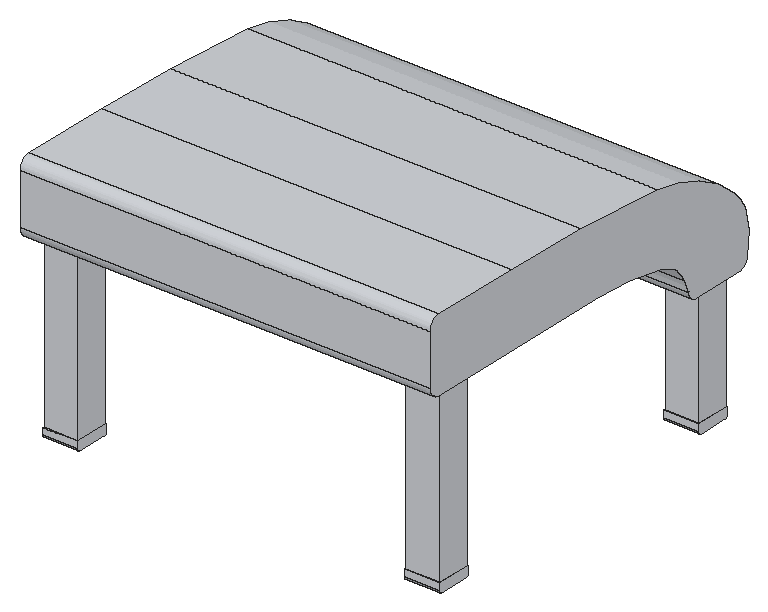
Revit family "Seat-LaZBoy-Kadia_Mod_Visitor_Seating-KOT00", category Furniture, Revit 2017
Family settings
  OmniClass Number = 23.40.20.00
  Work Plane-Based = No
  Always vertical = Yes
  Cut with Voids When Loaded = No
  Shared = No
  Room Calculation Point = No
Parameters (values of type "Wood Arm Caps")
  Width = 19.00"  # constant formula
  URL = "https://www.la-z-boy.com/"
  Product Documentation Link = "URL"
  Model = "KOT00"
  Manufacturer = "LaZBoy"
  Leg Material [instance] = none
  Height = 12.00"  # constant formula
  Description = "Ottoman"
  Depth = 18.50"  # constant formula
  Copyright © = "Inc"
  Assembly Code = "E2020200"
  Footrest Material [instance] = none
Types (2): name | Model | Description
  Wood Arm Caps | "KOT00" | "Ottoman"
  Urethane Arm Caps | "KOT10U" | "Guest Chair with Urethane Arm Caps"
Reference planes (in)
  plane 1 "Center (Front/Back)": y = 0
  plane 2: z = 0
  plane 3 "Center (Left/Right)": x = 0
  plane 4 "Left": x = -9.5
  plane 5 "Right": x = 9.5
  plane 6: z = 12
  plane 7: y = 9.25
  plane 8: y = -9.25
Forms (in)
  Extrusion 1, solid, material <- "Footrest Material"
    sketch origin (0, 0, 0) x (0, 1, 0) y (0, 0, 1)
      loop
        line (-4.55449, 11.99612) -> (-8.75, 11.99612)
        arc (-8.75, 11.99612) -> (-9.10355, 11.84967) -> (-9.25, 11.49612) r 0.5
        line (-9.25, 11.49612) -> (-9.25, 9.12216)
        arc (-9.25, 9.12216) -> (-9.10298, 8.76803) -> (-8.74837, 8.62216) r 0.5
        line (-8.74837, 8.62216) -> (0.41188, 8.65197)
        arc (0.41188, 8.65197) -> (2.30994, 8.53908) -> (4.179, 8.18985) r 15.1827
        arc (4.179, 8.18985) -> (4.95844, 7.79532) -> (5.50639, 7.11494) r 2.07483
        arc (5.50639, 7.11494) -> (5.6232, 6.83255) -> (5.69725, 6.53607) r 2.07483
        arc (5.69725, 6.53607) -> (5.8679, 6.23872) -> (6.18995, 6.12118) r 0.5
        line (6.18995, 6.12118) -> (8.59329, 6.12118)
        arc (8.59329, 6.12118) -> (8.92171, 6.24417) -> (9.08857, 6.55263) r 0.5
        arc (9.08857, 6.55263) -> (9.14291, 7.09715) -> (9.15566, 7.64423) r 7.18694
        arc (9.15566, 7.64423) -> (8.93122, 8.67855) -> (8.32362, 9.54516) r 2.67821
        arc (8.32362, 9.54516) -> (6.29949, 10.92467) -> (3.94125, 11.5871) r 7.58458
        arc (3.94125, 11.5871) -> (1.69659, 11.79647) -> (-0.55432, 11.92199) r 60.44676
        arc (-0.55432, 11.92199) -> (-2.55406, 11.97759) -> (-4.55449, 11.99612) r 107.96758
    from -9.5 to 9.5
  Extrusion 2, solid, material <- "Leg Material"
    sketch origin (0, 0, 0) x (1, 0, 0) y (0, 1, 0)
      loop
        line (-7.60335, 8.28572) -> (-9.15344, 8.28572) -> (-9.15344, 6.73464) -> (-7.60335, 6.73464) -> (-7.60335, 8.28572)
      loop
        line (7.60335, 8.28572) -> (7.60335, 6.73464) -> (9.15344, 6.73464) -> (9.15344, 8.28572) -> (7.60335, 8.28572)
      loop
        line (-7.60335, -8.28572) -> (-7.60335, -6.73464) -> (-9.15344, -6.73464) -> (-9.15344, -8.28572) -> (-7.60335, -8.28572)
      loop
        line (7.60335, -8.28572) -> (9.15344, -8.28572) -> (9.15344, -6.73464) -> (7.60335, -6.73464) -> (7.60335, -8.28572)
    from 0.54306 to 8.65626
  Extrusion 3, solid
    sketch origin (0, -0.0625, 0) x (0, 1, 0) y (0, 0, 1)
      loop
        line (8.3901, 0.54306) -> (6.76589, 0.54306) -> (6.76589, 0.21702)
        arc (6.76589, 0.21702) -> (6.80325, 0.12683) -> (6.89344, 0.08947) r 0.12755
        line (6.89344, 0.08947) -> (8.2601, 0.08947)
        arc (8.2601, 0.08947) -> (8.35202, 0.12755) -> (8.3901, 0.21947) r 0.13
        line (8.3901, 0.21947) -> (8.3901, 0.54306)
      loop
        line (-8.2651, 0.54306) -> (-8.2651, 0.21947)
        arc (-8.2651, 0.21947) -> (-8.22702, 0.12755) -> (-8.1351, 0.08947) r 0.13
        line (-8.1351, 0.08947) -> (-6.76844, 0.08947)
        arc (-6.76844, 0.08947) -> (-6.67825, 0.12683) -> (-6.64089, 0.21702) r 0.12755
        line (-6.64089, 0.21702) -> (-6.64089, 0.54306) -> (-8.2651, 0.54306)
    from -9.18936 to -7.56647
  Extrusion 4, solid
    sketch origin (0, -0.0625, 0) x (0, 1, 0) y (0, 0, -1)
      loop
        line (8.3901, -0.54306) -> (8.3901, -0.21947)
        arc (8.3901, -0.21947) -> (8.35202, -0.12755) -> (8.2601, -0.08947) r 0.13
        line (8.2601, -0.08947) -> (6.89344, -0.08947)
        arc (6.89344, -0.08947) -> (6.80325, -0.12683) -> (6.76589, -0.21702) r 0.12755
        line (6.76589, -0.21702) -> (6.76589, -0.54306) -> (8.3901, -0.54306)
      loop
        line (-8.2651, -0.54306) -> (-6.64089, -0.54306) -> (-6.64089, -0.21702)
        arc (-6.64089, -0.21702) -> (-6.67825, -0.12683) -> (-6.76844, -0.08947) r 0.12755
        line (-6.76844, -0.08947) -> (-8.1351, -0.08947)
        arc (-8.1351, -0.08947) -> (-8.22702, -0.12755) -> (-8.2651, -0.21947) r 0.13
        line (-8.2651, -0.21947) -> (-8.2651, -0.54306)
    from -9.18936 to -7.56647
Lines and regions (in)
  Masking region 1
    outline origin (0, 0, 0) x (1, 0, 0) y (0, 1, 0)
      loop
        line (-9.5, 9.25) -> (-9.5, -9.25) -> (9.5, -9.25) -> (9.5, 9.25) -> (-9.5, 9.25)
Dimensions and locks (in)
  equal spacing: plane 4 "Left", plane 3 "Center (Left/Right)", plane 5 "Right"
  "Height": plane 6 to plane 2
  "Width": plane 4 "Left" to plane 5 "Right"
  "Depth": plane 7 to plane 8
  equal spacing: plane 7, plane 1 "Center (Front/Back)", plane 8
  Extrusion 2 sketch curve to Extrusion 2 sketch curve = 1.55108"
  Extrusion 2 sketch curve to Extrusion 2 sketch curve = 1.55009"
  aligned and locked: level to plane 2
  aligned and locked: plane 3 "Center (Left/Right)" to nested 1
  aligned and locked: plane 1 "Center (Front/Back)" to nested 1
  aligned and locked: Extrusion 1 to plane 5 "Right"
  aligned and locked: Extrusion 1 to plane 4 "Left"
  aligned and locked: Masking region 1 sketch curve to plane 4 "Left"
  aligned and locked: Masking region 1 sketch curve to plane 7
  aligned and locked: plane 8 to Masking region 1 sketch curve
  aligned and locked: plane 5 "Right" to Masking region 1 sketch curve
Automatic sketch dimensions
  Extrusion 1 sketch curve to Extrusion 1 sketch curve = 0.00"  (x6)
  Extrusion 1 sketch curve to plane 8 = 0.00"
  Extrusion 1 sketch curve to plane 8 = 0.50"  (x2)
  Extrusion 1 sketch curve to Extrusion 1 sketch curve = 0.00163"
  Extrusion 1 sketch curve to plane 6 = 0.00388"
  Extrusion 1 sketch curve to Extrusion 1 sketch curve = 4.19551"
  plane 1 "Center (Front/Back)" to Extrusion 1 sketch curve = 2.79385"
  Extrusion 1 sketch curve to plane 1 "Center (Front/Back)" = 0.41188"
  Extrusion 1 sketch curve to plane 1 "Center (Front/Back)" = 0.46129"
  Extrusion 1 sketch curve to Extrusion 1 sketch curve = 1.55762"
  Extrusion 1 sketch curve to plane 1 "Center (Front/Back)" = 3.09616"
  Extrusion 1 sketch curve to Extrusion 1 sketch curve = 1.6832"
  Extrusion 1 sketch curve to Extrusion 1 sketch curve = 2.53725"
  Extrusion 1 sketch curve to Extrusion 1 sketch curve = 0.28778"
  Extrusion 1 sketch curve to plane 7 = 0.65671"
  Extrusion 1 sketch curve to Extrusion 1 sketch curve = 2.37396"
  Extrusion 1 sketch curve to plane 6 = 3.34803"
  Extrusion 1 sketch curve to plane 6 = 4.39534"
  Extrusion 1 sketch curve to Extrusion 1 sketch curve = 1.11393"
  Extrusion 1 sketch curve to Extrusion 1 sketch curve = 0.98348"  (x2)
  Extrusion 1 sketch curve to Extrusion 1 sketch curve = 1.35516"
  Extrusion 1 sketch curve to Extrusion 1 sketch curve = 0.50"
  Extrusion 1 sketch curve to Extrusion 1 sketch curve = 2.13313"
  Extrusion 1 sketch curve to level = 6.53065"
  Extrusion 1 sketch curve to Extrusion 1 sketch curve = 41.95262"
  Extrusion 1 sketch curve to Extrusion 1 sketch curve = 47.48819"
  Extrusion 1 sketch curve to Extrusion 1 sketch curve = 0.5263"
  Extrusion 1 sketch curve to Extrusion 1 sketch curve = 0.19086"
  plane 4 "Left" to Extrusion 2 sketch curve = 0.34656"  (x2)
  Extrusion 2 sketch curve to Extrusion 2 sketch curve = 1.55009"
  plane 5 "Right" to Extrusion 2 sketch curve = 1.89665"  (x2)
  plane 5 "Right" to Extrusion 2 sketch curve = 0.34656"  (x2)
  Extrusion 2 sketch curve to plane 8 = 0.96428"  (x2)
  Extrusion 2 sketch curve to Extrusion 2 sketch curve = 1.55108"  (x2)
  Extrusion 2 sketch curve to plane 7 = 2.51536"  (x2)
  Extrusion 2 sketch curve to plane 7 = 0.96428"
  level to Extrusion 3 sketch curve = 0.21947"  (x2)
  Extrusion 3 sketch curve to plane 8 = 0.9224"
  Extrusion 3 sketch curve to Extrusion 3 sketch curve = 0.13"
  Extrusion 3 sketch curve to Extrusion 3 sketch curve = 1.36666"
  Extrusion 3 sketch curve to Extrusion 3 sketch curve = 0.12755"  (x2)
  level to Extrusion 3 sketch curve = 0.54306"
  Extrusion 3 sketch curve to plane 7 = 2.54661"
  level to Extrusion 3 sketch curve = 0.08947"
  Extrusion 3 sketch curve to plane 7 = 1.0524"
  Extrusion 3 sketch curve to Extrusion 3 sketch curve = 0.32358"
  level to Extrusion 4 sketch curve = 0.21947"  (x2)
  Extrusion 4 sketch curve to plane 8 = 0.9224"
  Extrusion 4 sketch curve to Extrusion 4 sketch curve = 0.13"
  Extrusion 4 sketch curve to Extrusion 4 sketch curve = 1.36666"
  Extrusion 4 sketch curve to Extrusion 4 sketch curve = 0.12755"  (x2)
  level to Extrusion 4 sketch curve = 0.54306"
  Extrusion 4 sketch curve to plane 7 = 2.54661"
  level to Extrusion 4 sketch curve = 0.08947"
  Extrusion 4 sketch curve to plane 7 = 1.0524"
  Extrusion 4 sketch curve to Extrusion 4 sketch curve = 0.32358"
Nested families (in)
  nested 1: "Label 1-16" at (0, 0, 0), type "Center", detail levels fine
    with Offset (LR) 0.00"
Definition of nested family "Label 1-16"
  Parameters (values of type "Center")
    P_Width = 0.00"
    Text_Width = "Empty"
    Text_Height = "Empty"
    Text_Diameter = "Empty"
    Text_Depth = "Empty"
    Offset (LR) [instance] = 0.00"
    Model Name = "6961"
    P_Height = 0.00"
    Distance of Center (not Change) = 0.00"
    P_Diameter = 0.00"
    P_Depth = 0.00"
  Reference planes (in)
    plane 1: y = 0
    plane 2: x = 0
  Lines and regions (in)
    reference lines
      curve 1: line (-0.44359, 0, 0) -> (0.41085, 0, 0)
      curve 3: line (0, 0.32564, 0) -> (0, -0.40221, 0)
    reference lines, not visible
      curve 2: line (-0.44359, 0.09843, 0) -> (0.41085, 0.09843, 0)
      curve 4: line (0, 0.42407, 0) -> (0, -0.30379, 0)
  Text (in)
    label "Empty" at (0.00197, -0.0079, 0), shows "Model Name"
    label "Empty" at (0.00197, 0.09052, 0), shows "Model Name", not visible
  Dimensions and locks (in)
    "Distance of Center (not Change)": plane 1 to curve 1
    "Offset (LR)": curve 3 to plane 2
  Automatic sketch dimensions
    curve 1 to curve 3 = 0.44359"
    curve 3 to curve 1 = 0.41085"
    curve 3 to curve 1 = 0.40221"
    curve 1 to curve 3 = 0.32564"
    curve 2 to curve 4 = 0.44359"
    curve 4 to curve 2 = 0.41085"
    curve 4 to curve 2 = 0.40221"
    curve 2 to curve 4 = 0.32564"
